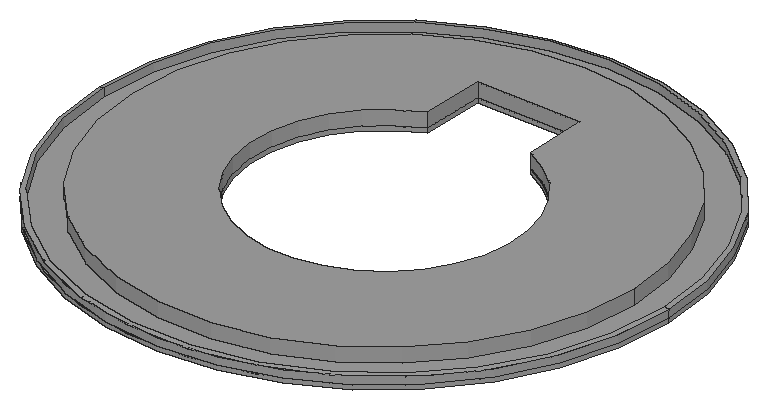
Revit family "DA-AP2000-IDIS", category Security Devices, Revit 2015
Parameters
  Default Elevation = 1219.2 mm
Reference planes
  plane 1 "중심(앞/뒤)": y = 0
  plane 2: z = 0
  plane 3 "중심(왼쪽/오른쪽)": x = 0
  plane 4: z = 1.3
  plane 5: z = 3.5
  plane 6: x = 15
  plane 7: x = -15
  plane 8: y = 37.7
  plane 9: y = 52.7
Forms (mm)
  Extrusion 1, solid, material "Metal - White - IDIS"
    sketch origin (0, 0, 0) x (1, 0, 0) y (0, 1, 0)
      loop
        circle (0, 0) r 83
    from 0 to 1.3
  Extrusion 2, solid, material "Metal - White - IDIS"
    sketch origin (0, 160, 1.3) x (0, 1, 0) y (-1, 0, 0)
      loop
        circle (-160, 0) r 83
    from 0 to 2.167
  SweptBlend 3, solid, material "Metal - White - IDIS"
    path origin (0, 0, 0) x (0, 1, 0) y (0, 0, 1)
      loop
        line (0, 3.467) -> (0, 5.489)
    profile origin (0, 0, 3.467) x (0, -1, 0) y (1, 0, 0)
      loop
        circle (0, 0) r 83
    end profile origin (0, 0, 5.489) x (0, -1, 0) y (1, 0, 0)
      loop
        circle (0, 0) r 73
  Extrusion 4, void
    sketch origin (0, 160, 1.3) x (-1, 0, 0) y (0, 1, 0)
      loop
        arc (-73, -160) -> (0, -87) -> (73, -160) r 73
        line (73, -160) -> (81.7, -160)
        arc (81.7, -160) -> (0, -78.3) -> (-81.7, -160) r 81.7
        line (-81.7, -160) -> (-73, -160)
    from 0 to -5
  Extrusion 5, void
    sketch origin (0, 160, 1.3) x (-1, 0, 0) y (0, 1, 0)
      loop
        line (81.7, -160) -> (73, -160)
        arc (73, -160) -> (0, -233) -> (-73, -160) r 73
        line (-73, -160) -> (-81.7, -160)
        arc (-81.7, -160) -> (0, -241.7) -> (81.7, -160) r 81.7
    from 0 to -5
  Extrusion 6, void
    sketch origin (0, 0, 0) x (0, 1, 0) y (1, 0, 0)
      loop
        line (34.622, -15) -> (52.7, -15) -> (52.7, 15) -> (34.622, 15)
        arc (34.622, 15) -> (-37.732, 0) -> (34.622, -15) r 37.732
    from 0 to -10
Cuts and joins
  Extrusion 4, Extrusion 5, Extrusion 6 cuts Extrusion 1
  Extrusion 4, Extrusion 5, Extrusion 6 cuts Extrusion 2
  Extrusion 4, Extrusion 5, Extrusion 6 cuts SweptBlend 3
  joined: Extrusion 2, SweptBlend 3
Dimensions and locks
  aligned and locked: level to plane 2
